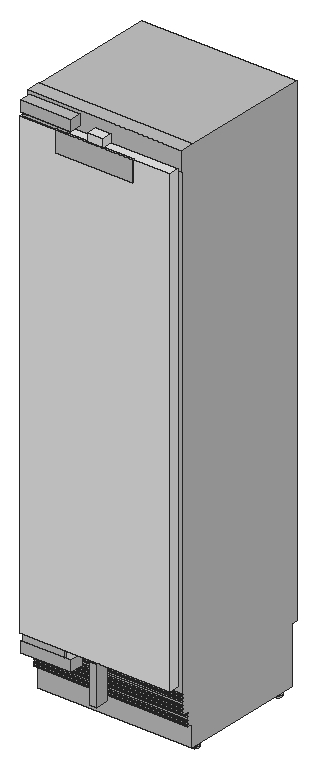
Revit family "FP_Revit_18_RS2484FLJ1_Freezer_90001055A", category Specialty Equipment, Revit 2018
Family settings
  Round Connector Dimension = Use Diameter
  Part Type = Normal
  OmniClass Number = 23.40.40.11.11
  OmniClass Title = Refrigerators and Freezers
  Work Plane-Based = No
  Always vertical = Yes
  Cut with Voids When Loaded = Yes
  Shared = No
  Room Calculation Point = No
Parameters (values of type "RS2484FLJK1")
  Visibility - Water Connection = yes
  Visibility - Visibility Control Note = yes
  Visibility - Clearance Required = yes
  URL = "www.fisherpaykel.com"
  Stainless Steel Door Panels (RD2484L4D) = no
  Product - Width = 603 mm  # constant formula
  Product - Height = 2134 mm  # constant formula
  Product - Depth (exl front panel) = 610 mm  # constant formula
  Model = "RS2484FLJK1"
  Material - Handle = Fisher & Paykel - Aluminium
  Material - Door Structure = Fisher & Paykel - White
  Material - Door Front = Fisher & Paykel - Stainless Steel
  Material - Body = Fisher & Paykel - Grey
  Manufacturer = "Fisher & Paykel Appliances"
  Handle Style - Professional Square (AHV2-RD84) = no
  Handle Style - Professional Round (AHC-RD84) = no
  Handle Style - Contemporary Square (AHD3-RD84) = no
  Handle Style - Contemporary Round (AHS-RD84) = no
  Description = "24\" Integrated Column Freezer with internal ice maker, stainless steel interior"
  Connector Description - Water = "1/4\" (6mm) comp. stainless steel braided hose"
  Connector Description - Electrical = "120 V, 10 amp fused electrical supply"
  Cavity - Width = 610 mm  # constant formula
  Cavity - Height = 2134 mm  # constant formula
  Cavity - Depth = 635 mm  # constant formula
Types (3, lengths in mm): name | Model | Description
  (no name) | "RS2484FLJK1" | "24\" Integrated Column Freezer with internal ice maker, stainless steel interior"
  RS2484FLJK1 | "RS2484FLJK1" | "24\" Integrated Column Freezer with internal ice maker, stainless steel interior"
  RS2484FLJ1 | "RS2484FLJ1" | "24\" Integrated Column Freezer with internal ice maker, white interior"
Reference planes
  plane 1 "Datum": y = 0
  plane 2: z = 0
  plane 3 "Center (Left/Right)": x = 0
  plane 4 "Product LHS": x = -301.5
  plane 5 "Product RHS": x = 301.5
  plane 6 "Product - Depth": y = 610
  plane 7 "Cavity LHS": x = -305
  plane 8 "Cavity RHS": x = 305
  plane 9 "Cavity - Depth": y = 612.9
  plane 10 "Handle Offset": x = 238.5
  plane 11 "Product Height": z = 2134
  plane 12 "Cavity Height": z = 2134
  plane 13 "Door Panel Datum": y = -4.1
Forms (mm)
  Extrusion 1, solid, material "Fisher & Paykel - Grey" <- "Material - Body", detail levels fine
    sketch origin (0, 0, 0) x (0, 1, 0) y (0, 0, 1)
      loop
        line (100.1, 19.1) -> (587.9, 19.1) -> (587.9, 239.7) -> (610, 239.7) -> (610, 2131.9) -> (105.1, 2131.9) -> (105.1, 2134) -> (49.9, 2134) -> (49.9, 2059) -> (56, 2059) -> (56, 228.6) -> (59.5, 228.6) -> (59.5, 219.7) -> (56.5, 219.7) -> (56.5, 215.9) -> (59.5, 215.9) -> (59.5, 207) -> (56.5, 207) -> (56.5, 203.2) -> (59.5, 203.2) -> (59.5, 194.3) -> (56.5, 194.3) -> (56.5, 190.5) -> (59.5, 190.5) -> (59.5, 181.6) -> (56.5, 181.6) -> (56.5, 177.8) -> (59.5, 177.8) -> (59.5, 168.9) -> (56.5, 168.9) -> (56.5, 165.1) -> (59.5, 165.1) -> (59.5, 156.2) -> (56.5, 156.2) -> (56.5, 152.4) -> (84.1, 152.4) -> (84.1, 143.5) -> (81.1, 143.5) -> (81.1, 139.7) -> (84.1, 139.7) -> (84.1, 130.8) -> (81.1, 130.8) -> (81.1, 127) -> (84.1, 127) -> (84.1, 118.1) -> (81.1, 118.1) -> (81.1, 114.3) -> (84.1, 114.3) -> (84.1, 105.4) -> (81.1, 105.4) -> (81.1, 101.6) -> (100.1, 101.6) -> (100.1, 19.1)
    from -301.5 to 301.5
  Extrusion 2, solid, material "Fisher & Paykel - Grey" <- "Material - Body"
    sketch origin (0, 0, 0) x (1, 0, 0) y (0, 1, 0)
      loop
        circle (-281, 547.8) r 4.1
      loop
        circle (-281, 141.8) r 4.1
      loop
        circle (281, 547.8) r 4.1
      loop
        circle (281, 141.8) r 4.1
    from 3 to 19.1
  Extrusion 3, solid, material "Fisher & Paykel - Grey" <- "Material - Body"
    sketch origin (0, 0, 0) x (1, 0, 0) y (0, 1, 0)
      loop
        circle (-281, 547.8) r 14.5
      loop
        circle (-281, 141.8) r 14.555
      loop
        circle (281, 547.8) r 14.5
      loop
        circle (281, 141.8) r 14.555
    from 0 to 3
  Extrusion 4, solid, material "Fisher & Paykel - Grey" <- "Material - Body", detail levels fine
    sketch origin (0, 0, 0) x (1, 0, 0) y (0, 1, 0)
      loop
        line (-7.5, 49) -> (-13.797, -4.1) -> (13.797, -4.1) -> (7.5, 49) -> (-7.5, 49)
    from 104.2 to 254.2
  Extrusion 5, solid, material "Fisher & Paykel - Grey" <- "Material - Body", detail levels fine
    sketch origin (0, 0, 0) x (0, 1, 0) y (0, 0, 1)
      loop
        line (0, 2070.6) -> (0, 1988.6) -> (2, 1988.6) -> (2, 2068.6) -> (4, 2068.6) -> (4, 2070.6) -> (0, 2070.6)
    from -150 to 150
  Extrusion 6, solid, material "Fisher & Paykel - Grey" <- "Material - Body"
    sketch origin (0, 0, 0) x (1, 0, 0) y (0, 0, 1)
      loop
        circle (226.5, 119.813) r 5
      loop
        circle (-226.5, 119.813) r 5
    from -590 to -587.9
  Extrusion 7, solid, material "Fisher & Paykel - White" <- "Material - Door Structure"
    sketch origin (0, 0, 0) x (1, 0, 0) y (0, 1, 0)
      loop
        line (-276.5, 56) -> (-276.5, 42) -> (276.5, 42) -> (276.5, 56) -> (-276.5, 56)
    from 269.6 to 2030.7
  Extrusion 8, solid, material "Fisher & Paykel - White" <- "Material - Door Structure"
    sketch origin (0, 0, 0) x (1, 0, 0) y (0, 1, 0)
      loop
        line (-292.9, 42) -> (-292.9, 3) -> (292.9, 3) -> (292.9, 42) -> (-292.9, 42)
    from 254.2 to 2068.6
  Extrusion 9, solid, material "Fisher & Paykel - White" <- "Material - Door Structure", detail levels fine
    sketch origin (0, 0, 0) x (1, 0, 0) y (0, 0, 1)
      loop
        line (-29.5, 2100.1) -> (-29.5, 2068.6) -> (29.5, 2068.6) -> (29.5, 2100.1) -> (-29.5, 2100.1)
    from -42 to -3
  Extrusion 10, solid, material "Fisher & Paykel - Stainless Steel" <- "Material - Door Front", visible <- "Stainless Steel Door Panels (RD2484L4D)"
    sketch origin (0, 0, 0) x (0, 1, 0) y (0, 0, 1)
      loop
        line (-22.1, 2130.8) -> (-22.1, 102) -> (-4.1, 102) -> (-4.1, 2130.8) -> (-22.1, 2130.8)
    from -301.5 to 301.5
  Extrusion 11, solid, material "Fisher & Paykel - Grey" <- "Material - Body", detail levels coarse+medium
    sketch origin (0, 0, 0) x (0, 1, 0) y (0, 0, 1)
      loop
        line (49.9, 2134) -> (49.9, 2059) -> (56, 2059) -> (56, 152.4) -> (81.1, 152.4) -> (81.1, 101.6) -> (100.1, 101.6) -> (100.1, 19.1) -> (587.9, 19.1) -> (587.9, 239.7) -> (610, 239.7) -> (610, 2134) -> (49.9, 2134)
    from -301.5 to 301.5
  Extrusion 12, solid, material "Fisher & Paykel - Grey" <- "Material - Body", detail levels fine
    sketch origin (0, 0, 0) x (-1, 0, 0) y (0, 0, -1)
      loop
        line (289.9, -187.65) -> (95.42, -187.65) -> (95.42, -229.75) -> (289.9, -229.75) -> (289.9, -187.65)
    from -56 to -2.5
  Extrusion 13, solid, material "Fisher & Paykel - Grey" <- "Material - Body", detail levels fine
    sketch origin (0, 0, 0) x (-1, 0, 0) y (0, 0, -1)
      loop
        line (289.9, -2123.15) -> (289.9, -2081.05) -> (95.42, -2081.05) -> (95.42, -2123.15) -> (289.9, -2123.15)
    from -49 to -2.5
  Extrusion 14, solid, material "Fisher & Paykel - Grey" <- "Material - Body", detail levels fine
    sketch origin (0, 0, -4) x (0, 1, 0) y (0, 0, 1)
      loop
        arc (163.888, 23.1) -> (180.4, 13.63) -> (196.912, 23.1) r 19.13
        line (196.912, 23.1) -> (163.888, 23.1)
      loop
        arc (493.888, 23.1) -> (510.4, 13.63) -> (526.912, 23.1) r 19.13
        line (526.912, 23.1) -> (493.888, 23.1)
    from 191 to 219
  Extrusion 15, solid, material "Fisher & Paykel - Grey" <- "Material - Body", detail levels fine
    sketch origin (0, 0, -4) x (0, 1, 0) y (0, 0, -1)
      loop
        line (163.888, -23.1) -> (196.912, -23.1)
        arc (196.912, -23.1) -> (180.4, -13.63) -> (163.888, -23.1) r 19.13
      loop
        line (493.888, -23.1) -> (526.912, -23.1)
        arc (526.912, -23.1) -> (510.4, -13.63) -> (493.888, -23.1) r 19.13
    from 191 to 219
  Extrusion 16, solid, material "Fisher & Paykel - Clearance Required", visible <- "Visibility - Clearance Required", detail levels coarse
    sketch origin (0, 0, 0) x (1, 0, 0) y (0, 1, 0)
      loop
        line (-305, 612.9) -> (-305, -4.1) -> (305, -4.1) -> (305, 612.9) -> (-305, 612.9)
    from 0 to 2134
  Extrusion 17, void
    sketch origin (0, 0, 0) x (1, 0, 0) y (0, 1, 0)
      loop
        line (-305, 612.9) -> (-305, -22.1) -> (305, -22.1) -> (305, 612.9) -> (-305, 612.9)
    from 0 to 2134
  Extrusion 18, solid, material "Fisher & Paykel - Clearance Required", visible <- "Visibility - Clearance Required", detail levels coarse
    sketch origin (0, 0, 0) x (-1, 0, 0) y (0, -1, 0)
      loop
        line (-301.5, 22.1) -> (301.5, 22.1)
        arc (301.5, 22.1) -> (310.616, 38.605) -> (329.441, 39.678) r 19.5
        line (329.441, 39.678) -> (550.259, 513.225) -> (574.757, 501.802)
        arc (574.757, 501.802) -> (598.013, 510.267) -> (589.549, 533.523) r 17.5
        line (589.549, 533.523) -> (565.051, 544.946) -> (584.28, 586.183)
        arc (584.28, 586.183) -> (-13.376, 547.171) -> (-301.5, 22.1) r 622.5
    from 0 to 2134
  Extrusion 19, solid, material "Fisher & Paykel - Grey" <- "Material - Body", detail levels fine
    sketch origin (0, 0, 0) x (-1, 0, 0) y (0, 0, -1)
      loop
        line (118.4, -254.2) -> (282.9, -254.2) -> (282.9, -229.75) -> (118.4, -229.75) -> (118.4, -254.2)
      loop
        line (106, -2081.05) -> (242.9, -2081.05) -> (282.9, -2076.05) -> (282.9, -2068.6) -> (106, -2068.6) -> (106, -2081.05)
    from -7 to -4
Lines and regions (mm)
  model lines, style "Fisher & Paykel"
    curve 1: line (-301.5, -4.1, 2130.8) -> (301.5, -4.1, 2130.8)
    curve 2: line (-301.5, -4.1, 102) -> (-301.5, -4.1, 2130.8)
    curve 3: line (301.5, -4.1, 102) -> (-301.5, -4.1, 102)
    curve 4: line (301.5, -4.1, 2130.8) -> (301.5, -4.1, 102)
Text (mm)
  text "Due to ongoing product development, product details are subject to change without notice. \nPlease always refer to www.fisherpaykel.com for the most current product information. \n© Fisher & Paykel 2020" at (41.04, -678.295, 0), in view "Ref. Level (Plan)"
Dimensions and locks
  equal spacing: plane 4 "Product LHS", plane 3 "Center (Left/Right)", plane 5 "Product RHS"
  "Product - Width": plane 4 "Product LHS" to plane 5 "Product RHS"
  "Product - Depth (exl front panel)": plane 1 "Datum" to plane 6 "Product - Depth"
  equal spacing: plane 7 "Cavity LHS", plane 3 "Center (Left/Right)", plane 8 "Cavity RHS"
  "Cavity - Width": plane 7 "Cavity LHS" to plane 8 "Cavity RHS"
  plane 4 "Product LHS" to Extrusion 2 sketch curve = 24.6 mm
  plane 4 "Product LHS" to plane 10 "Handle Offset" = 540 mm
  Extrusion 6 sketch curve to Extrusion 1 = 119.887 mm  (x2)
  Extrusion 6 sketch curve to plane 5 "Product RHS" = 75 mm
  plane 4 "Product LHS" to Extrusion 6 sketch curve = 75 mm
  Extrusion 1 sketch curve to Extrusion 1 sketch curve = 82.5 mm
  Extrusion 1 sketch curve to Extrusion 1 sketch curve = 209.5 mm
  Extrusion 3 to level = 3 mm
  Extrusion 11 to Extrusion 8 = 235.1 mm
  Extrusion 11 to Extrusion 7 = 250.5 mm
  Extrusion 11 to Extrusion 11 = 2114.9 mm
  Extrusion 11 to Extrusion 10 = 82.9 mm
  "Product - Height": level to plane 11 "Product Height"
  plane 11 "Product Height" to Extrusion 10 = 3.2 mm
  Extrusion 8 to plane 11 "Product Height" = 65.4 mm
  Extrusion 7 to plane 11 "Product Height" = 103.3 mm
  Extrusion 11 sketch curve to plane 11 "Product Height" = 75 mm
  Extrusion 1 sketch curve to plane 11 "Product Height" = 2.1 mm
  Extrusion 1 sketch curve to plane 11 "Product Height" = 75 mm
  "Cavity - Height": plane 12 "Cavity Height" to level
  plane 1 "Datum" to Extrusion 16 = 612.9 mm
  plane 1 "Datum" to Extrusion 17 = 612.9 mm
  Extrusion 19 sketch curve to Extrusion 19 sketch curve = 40 mm
  Extrusion 19 sketch curve to Extrusion 19 sketch curve = 176.9 mm
  plane 3 "Center (Left/Right)" to Extrusion 19 sketch curve = 106 mm
  plane 3 "Center (Left/Right)" to Extrusion 19 sketch curve = 118.4 mm
  plane 1 "Datum" to Extrusion 18 = 22.1 mm
  "Cavity - Depth": plane 9 "Cavity - Depth" to Extrusion 18
  plane 10 "Handle Offset" to plane 5 "Product RHS" = 63 mm
  radius of Extrusion 6 sketch curve = 5 mm
  aligned and locked: level to plane 2
  aligned and locked: Extrusion 10 to plane 5 "Product RHS"
  aligned and locked: plane 4 "Product LHS" to Extrusion 10
  aligned and locked: Extrusion 11 to plane 5 "Product RHS"
  aligned and locked: Extrusion 11 to plane 4 "Product LHS"
  aligned and locked: Extrusion 11 sketch curve to plane 11 "Product Height"
  aligned and locked: plane 11 "Product Height" to Extrusion 1 sketch curve
  aligned and locked: Extrusion 14 sketch curve to Extrusion 14 sketch curve
  aligned and locked: Extrusion 15 sketch curve to Extrusion 15 sketch curve
  aligned and locked: Extrusion 1 to plane 5 "Product RHS"
  aligned and locked: plane 4 "Product LHS" to Extrusion 1
  aligned and locked: Extrusion 2 to Extrusion 1
  aligned and locked: nested 5 to plane 10 "Handle Offset"
  aligned and locked: nested 4 to plane 10 "Handle Offset"
  aligned and locked: nested 3 to plane 10 "Handle Offset"
  aligned and locked: nested 2 to plane 10 "Handle Offset"
Automatic sketch dimensions
  Extrusion 2 sketch curve to plane 4 "Product LHS" = 20.5 mm  (x2)
  plane 5 "Product RHS" to Extrusion 2 sketch curve = 20.5 mm  (x2)
  Extrusion 2 sketch curve to plane 1 "Datum" = 141.8 mm  (x2)
  Extrusion 2 sketch curve to plane 6 "Product - Depth" = 62.2 mm  (x2)
  Extrusion 3 sketch curve to plane 4 "Product LHS" = 20.5 mm  (x2)
  plane 5 "Product RHS" to Extrusion 3 sketch curve = 20.5 mm  (x2)
  Extrusion 3 sketch curve to plane 1 "Datum" = 141.8 mm  (x2)
  Extrusion 3 sketch curve to plane 6 "Product - Depth" = 62.2 mm  (x2)
  plane 1 "Datum" to Extrusion 4 sketch curve = 4.1 mm
  Extrusion 4 sketch curve to plane 3 "Center (Left/Right)" = 13.797 mm
  Extrusion 4 sketch curve to plane 3 "Center (Left/Right)" = 7.5 mm
  plane 3 "Center (Left/Right)" to Extrusion 4 sketch curve = 7.5 mm
  plane 3 "Center (Left/Right)" to Extrusion 4 sketch curve = 13.797 mm
  Extrusion 4 sketch curve to plane 1 "Datum" = 49 mm
  Extrusion 5 sketch curve to plane 1 "Datum" = 0 mm
  Extrusion 5 sketch curve to plane 1 "Datum" = 2 mm
  Extrusion 5 sketch curve to Extrusion 5 sketch curve = 2 mm  (x2)
  plane 11 "Product Height" to Extrusion 5 sketch curve = 145.4 mm
  plane 11 "Product Height" to Extrusion 5 sketch curve = 65.4 mm
  Extrusion 7 sketch curve to plane 4 "Product LHS" = 25 mm
  plane 5 "Product RHS" to Extrusion 7 sketch curve = 25 mm
  Extrusion 7 sketch curve to plane 1 "Datum" = 42 mm
  Extrusion 7 sketch curve to Extrusion 7 sketch curve = 14 mm
  Extrusion 8 sketch curve to plane 1 "Datum" = 3 mm
  Extrusion 8 sketch curve to plane 4 "Product LHS" = 8.6 mm
  plane 5 "Product RHS" to Extrusion 8 sketch curve = 8.6 mm
  Extrusion 8 sketch curve to Extrusion 8 sketch curve = 39 mm
  Extrusion 9 sketch curve to plane 3 "Center (Left/Right)" = 29.5 mm
  plane 3 "Center (Left/Right)" to Extrusion 9 sketch curve = 29.5 mm
  plane 11 "Product Height" to Extrusion 9 sketch curve = 65.4 mm
  Extrusion 9 sketch curve to Extrusion 9 sketch curve = 31.5 mm
  plane 1 "Datum" to Extrusion 10 sketch curve = 22.1 mm
  plane 1 "Datum" to Extrusion 10 sketch curve = 4.1 mm
  level to Extrusion 10 sketch curve = 102 mm
  plane 11 "Product Height" to Extrusion 10 sketch curve = 3.2 mm
  plane 3 "Center (Left/Right)" to Extrusion 12 sketch curve = 95.42 mm
  plane 4 "Product LHS" to Extrusion 12 sketch curve = 11.6 mm
  Extrusion 12 sketch curve to level = 187.65 mm
  Extrusion 12 sketch curve to Extrusion 12 sketch curve = 42.1 mm
  Extrusion 13 sketch curve to plane 11 "Product Height" = 10.85 mm
  plane 3 "Center (Left/Right)" to Extrusion 13 sketch curve = 95.42 mm
  plane 4 "Product LHS" to Extrusion 13 sketch curve = 11.6 mm
  Extrusion 13 sketch curve to Extrusion 13 sketch curve = 42.1 mm
  Extrusion 14 sketch curve to plane 1 "Datum" = 163.888 mm
  Extrusion 14 sketch curve to Extrusion 14 sketch curve = 16.512 mm  (x2)
  Extrusion 14 sketch curve to plane 6 "Product - Depth" = 116.112 mm
  Extrusion 14 sketch curve to Extrusion 14 sketch curve = 9.66 mm  (x2)
  Extrusion 15 sketch curve to plane 1 "Datum" = 163.888 mm
  Extrusion 15 sketch curve to Extrusion 15 sketch curve = 16.512 mm  (x2)
  Extrusion 15 sketch curve to plane 6 "Product - Depth" = 116.112 mm
  Extrusion 15 sketch curve to Extrusion 15 sketch curve = 9.66 mm  (x2)
  Extrusion 16 sketch curve to plane 7 "Cavity LHS" = 0 mm
  Extrusion 16 sketch curve to plane 8 "Cavity RHS" = 0 mm
  Extrusion 16 sketch curve to plane 9 "Cavity - Depth" = 0 mm
  plane 1 "Datum" to Extrusion 16 sketch curve = 4.1 mm
  Extrusion 17 sketch curve to plane 7 "Cavity LHS" = 0 mm
  Extrusion 17 sketch curve to plane 8 "Cavity RHS" = 0 mm
  plane 9 "Cavity - Depth" to Extrusion 17 sketch curve = 0 mm
  plane 1 "Datum" to Extrusion 17 sketch curve = 22.1 mm
  Extrusion 18 sketch curve to Extrusion 18 sketch curve = 0 mm  (x2)
  Extrusion 18 sketch curve to plane 5 "Product RHS" = 0 mm
  Extrusion 18 sketch curve to plane 4 "Product LHS" = 0 mm
  Extrusion 18 sketch curve to plane 7 "Cavity LHS" = 16 mm
  Extrusion 18 sketch curve to Extrusion 18 sketch curve = 8.441 mm
  Extrusion 18 sketch curve to plane 7 "Cavity LHS" = 245.259 mm
  Extrusion 18 sketch curve to Extrusion 18 sketch curve = 14.792 mm
  Extrusion 18 sketch curve to Extrusion 18 sketch curve = 24.498 mm
  Extrusion 18 sketch curve to Extrusion 18 sketch curve = 7.396 mm  (x2)
  Extrusion 18 sketch curve to Extrusion 18 sketch curve = 19.229 mm
  Extrusion 18 sketch curve to plane 1 "Datum" = 586.183 mm
  Extrusion 18 sketch curve to Extrusion 18 sketch curve = 41.237 mm
  Extrusion 18 sketch curve to Extrusion 18 sketch curve = 15.86 mm
  Extrusion 19 sketch curve to plane 11 "Product Height" = 52.95 mm
  plane 4 "Product LHS" to Extrusion 19 sketch curve = 18.6 mm
  Extrusion 19 sketch curve to Extrusion 19 sketch curve = 5 mm
  Extrusion 19 sketch curve to Extrusion 19 sketch curve = 12.45 mm
  Extrusion 19 sketch curve to level = 254.2 mm
  Extrusion 19 sketch curve to Extrusion 19 sketch curve = 24.45 mm
  Extrusion 11 sketch curve to plane 6 "Product - Depth" = 0 mm
  Extrusion 11 sketch curve to plane 6 "Product - Depth" = 22.1 mm
  Extrusion 11 sketch curve to plane 1 "Datum" = 100.1 mm
  Extrusion 11 sketch curve to Extrusion 11 sketch curve = 19 mm
  Extrusion 11 sketch curve to plane 1 "Datum" = 56 mm
  Extrusion 11 sketch curve to plane 1 "Datum" = 49.9 mm
  level to Extrusion 11 sketch curve = 152.4 mm
  Extrusion 11 sketch curve to Extrusion 11 sketch curve = 50.8 mm
  level to Extrusion 11 sketch curve = 19.1 mm
  Extrusion 11 sketch curve to Extrusion 11 sketch curve = 220.6 mm
  level to Extrusion 14 sketch curve = 19.1 mm
  level to Extrusion 15 sketch curve = 28.76 mm
  Extrusion 1 sketch curve to plane 6 "Product - Depth" = 0 mm
  Extrusion 1 sketch curve to Extrusion 1 sketch curve = 22.1 mm
  Extrusion 1 sketch curve to plane 1 "Datum" = 105.1 mm
  level to Extrusion 1 sketch curve = 19.1 mm
  Extrusion 1 sketch curve to plane 1 "Datum" = 100.1 mm
  Extrusion 1 sketch curve to Extrusion 1 sketch curve = 16 mm
  Extrusion 1 sketch curve to Extrusion 1 sketch curve = 0 mm  (x8)
  Extrusion 1 sketch curve to Extrusion 1 sketch curve = 3 mm  (x10)
  Extrusion 1 sketch curve to plane 1 "Datum" = 59.5 mm
  Extrusion 1 sketch curve to plane 1 "Datum" = 56 mm
  Extrusion 1 sketch curve to plane 1 "Datum" = 49.9 mm
  Extrusion 1 sketch curve to Extrusion 1 sketch curve = 3.8 mm  (x10)
  Extrusion 1 sketch curve to Extrusion 1 sketch curve = 8.9 mm  (x9)
  Extrusion 1 sketch curve to Extrusion 1 sketch curve = 220.6 mm
  plane 5 "Product RHS" to curve 1 = 0 mm
  plane 4 "Product LHS" to curve 3 = 0 mm
  level to curve 3 = 102 mm
  plane 11 "Product Height" to curve 2 = 3.2 mm
  radius of Extrusion 2 sketch curve = 4.1 mm  (x3)
  radius of Extrusion 3 sketch curve = 14.5 mm  (x2)
  radius of Extrusion 3 sketch curve = 14.555 mm  (x2)
  radius of Extrusion 6 sketch curve = 5 mm
Nested families
  nested 1: "Visibility Control Note 18" at (0, 0, 0), visible <- "Visibility - Visibility Control Note", type "Visibility Control Note 18"
  nested 2: "Handle Contemporary Round - Vertical" at (238.5, -22.1, 1242.58), visible <- "Handle Style - Contemporary Round (AHS-RD84)", type "AHS-RD84 - Contemporary round handle (Vertical) 852mm"
  nested 3: "Handle Contemporary Square - Vertical" at (238.5, -22.1, 1242.58), visible <- "Handle Style - Contemporary Square (AHD3-RD84)", type "AHD3-RD84 - Contemporary square handle (Vertical) 852mm"
  nested 4: "Handle Professional Round - Vertical" at (238.5, -22.1, 1242.58), visible <- "Handle Style - Professional Round (AHC-RD84)", type "AHC-RD84 - Professional round handle (Vertical) 786mm"
  nested 5: "Handle Professional Square - Vertical" at (238.5, -22.1, 1242.58), visible <- "Handle Style - Professional Square (AHV2-RD84)", type "AHV2-RD84 - Professional square handle (Vertical) 792mm"
Connectors
  electrical at (-226.5, 590, 119.813), driven by "Connector Description - Electrical"
    settings: on Extrusion 6, index 1, voltage 120 V, apparent load 0 VA, apparent load phase1 0 VA, apparent load phase2 0 VA, apparent load phase3 0 VA, power factor 1, load classification "Other", number of poles 1, system type 30, power factor state 1, is connector primary yes, connector utility no, sub classification motor no, connector description "120 V, 10 amp fused electrical supply"
  piping at (226.5, 590, 119.813), diameter 12.7, driven by "Visibility - Water Connection", driven by "Connector Description - Water"
    settings: on Extrusion 6, index 2, connector inside diameter 609.6 mm, connector length 0 mm, flow factor 0, pipe flow 0.0 L/s, pressure drop 0.0 Pa, fitting loss kfactor 0, connector angle 0.00°, fixture units 0, engagement length 0 mm, angle of deflection 0.00°, flow configuration 0, flow direction 1, fitting loss method 0, system type 20, joint type 0, gender type 0, connector reference index -1, connector utility 1, adjustable connector no, is connector primary yes, connector description "1/4\" (6mm) comp. stainless steel braided hose"
Definition of nested family "Handle Contemporary Round - Vertical"
  Parameters (values of type "AHSRS80A - Contemporary round handle (1 of 2) (Vertical) 727mm")
    URL = "www.fisherpaykel.com"
    Material - Handle = none
    Manufacturer = "Fisher & Paykel Appliances"
    Handle - Length = 727 mm
  Types (6, lengths in mm): name | Handle - Length
    AHS-RD21 - Contemporary round handle (Vertical) 852mm | 852
    AHSRD2484W - Contemporary round handle (1 of 2) (Vertical) 727mm | 727
    AHSRD3084W - Contemporary round handle (1 of 2) (Vertical) 727mm | 727
    AHS-RD84 - Contemporary round handle (Vertical) 852mm | 852
    AHSRS3272A - Contemporary round handle (1 of 2) (Vertical) 727mm | 727
    AHSRS80A - Contemporary round handle (1 of 2) (Vertical) 727mm | 727
  Reference planes
    plane 1 "Center (Front/Back)": y = 0
    plane 2: z = 0
    plane 3 "Center (Left/Right)": x = 0
    plane 4 "Top": z = 363.5
    plane 5 "Bottom": z = -363.5
    plane 6 "Top Standoff": z = 243.5
    plane 7 "Bottom Standoff": z = -243.5
  Forms (mm)
    Extrusion 1, solid, material <- "Material - Handle"
      sketch origin (0, 0, 0) x (1, 0, 0) y (0, 1, 0)
        loop
          circle (0, -32.3) r 8.7
      from -243.5 to 243.5
    Extrusion 2, solid, material <- "Material - Handle", detail levels fine
      sketch origin (0, 0, 0) x (1, 0, 0) y (0, 1, 0)
        loop
          line (-8.7, 0) -> (-8.7, -32.3)
          arc (-8.7, -32.3) -> (0, -41) -> (8.7, -32.3) r 8.7
          line (8.7, -32.3) -> (8.7, 0) -> (-8.7, 0)
      from 243.5 to 363.5
    Extrusion 3, solid, material <- "Material - Handle", detail levels fine
      sketch origin (0, 0, 0) x (1, 0, 0) y (0, 1, 0)
        loop
          line (-8.7, 0) -> (-8.7, -32.3)
          arc (-8.7, -32.3) -> (0, -41) -> (8.7, -32.3) r 8.7
          line (8.7, -32.3) -> (8.7, 0) -> (-8.7, 0)
      from -363.5 to -243.5
    Sweep 4, void
      path in 3D
        loop
          line (8.7, 0, -363.5) -> (8.7, -32.3, -363.5)
          arc (8.7, -32.3, -363.5) -> (0, -41, -363.5) -> (-8.7, -32.3, -363.5) r 8.7
          line (-8.7, -32.3, -363.5) -> (-8.7, 0, -363.5)
      profile origin (8.7, -16.15, -363.5) x (-1, 0, 0) y (0, 0, -1)
        loop
          line (0, 0) -> (0, -1) -> (1, 0) -> (0, 0)
    Sweep 5, void
      path in 3D
        loop
          line (-8.7, 0, 363.5) -> (-8.7, -32.3, 363.5)
          arc (-8.7, -32.3, 363.5) -> (0, -41, 363.5) -> (8.7, -32.3, 363.5) r 8.7
          line (8.7, -32.3, 363.5) -> (8.7, 0, 363.5)
      profile origin (8.7, -16.15, 363.5) x (-1, 0, 0) y (0, 0, 1)
        loop
          line (0, 0) -> (0, -1) -> (1, 0) -> (0, 0)
    Extrusion 6, solid, material <- "Material - Handle", detail levels coarse+medium
      sketch origin (0, 0, 0) x (1, 0, 0) y (0, 1, 0)
        loop
          line (-8.7, 0) -> (-8.7, -32.3)
          arc (-8.7, -32.3) -> (0, -41) -> (8.7, -32.3) r 8.7
          line (8.7, -32.3) -> (8.7, 0) -> (-8.7, 0)
      from 243.5 to 363.5
    Extrusion 7, solid, material <- "Material - Handle", detail levels coarse+medium
      sketch origin (0, 0, 0) x (1, 0, 0) y (0, 1, 0)
        loop
          line (-8.7, 0) -> (-8.7, -32.3)
          arc (-8.7, -32.3) -> (0, -41) -> (8.7, -32.3) r 8.7
          line (8.7, -32.3) -> (8.7, 0) -> (-8.7, 0)
      from -363.5 to -243.5
  Cuts and joins
    Sweep 4 cuts Extrusion 3
    Sweep 5 cuts Extrusion 2
  Lines and regions (mm)
    sketch lines
      curve 1: line (8.7, 0, -363.5) -> (8.7, -32.3, -363.5)
      curve 2: arc (-8.7, -32.3, -363.5) -> (0, -41, -363.5) -> (8.7, -32.3, -363.5) r 8.7
      curve 3: line (-8.7, -32.3, -363.5) -> (-8.7, 0, -363.5)
      curve 4: line (8.7, -32.3, 363.5) -> (8.7, 0, 363.5)
      curve 5: arc (8.7, -32.3, 363.5) -> (0, -41, 363.5) -> (-8.7, -32.3, 363.5) r 8.7
      curve 6: line (-8.7, 0, 363.5) -> (-8.7, -32.3, 363.5)
  Dimensions and locks
    equal spacing: plane 4 "Top", level, plane 5 "Bottom"
    "Handle - Length": plane 4 "Top" to plane 5 "Bottom"
    locked: plane 4 "Top" to plane 6 "Top Standoff" at 120
    locked: plane 7 "Bottom Standoff" to plane 5 "Bottom" at 120
    Extrusion 2 sketch curve to Extrusion 2 sketch curve = 17.4 mm
    Extrusion 3 sketch curve to Extrusion 3 sketch curve = 17.4 mm
    Extrusion 6 sketch curve to Extrusion 6 sketch curve = 17.4 mm
    Extrusion 7 sketch curve to Extrusion 7 sketch curve = 17.4 mm
    aligned and locked: level to plane 2
    aligned and locked: plane 4 "Top" to Extrusion 2
    aligned and locked: Extrusion 3 to plane 5 "Bottom"
    aligned and locked: plane 7 "Bottom Standoff" to Extrusion 3
    aligned and locked: Extrusion 1 to plane 7 "Bottom Standoff"
    aligned and locked: plane 6 "Top Standoff" to Extrusion 1
    aligned and locked: Extrusion 2 to Extrusion 1
    aligned and locked: Extrusion 6 to Extrusion 1
    aligned and locked: plane 4 "Top" to Extrusion 6
    aligned and locked: Extrusion 7 to Extrusion 1
    aligned and locked: Extrusion 7 to plane 5 "Bottom"
  Automatic sketch dimensions
    Extrusion 1 sketch curve to plane 3 "Center (Left/Right)" = 0 mm
    plane 1 "Center (Front/Back)" to Extrusion 1 sketch curve = 32.3 mm
    plane 1 "Center (Front/Back)" to Extrusion 2 sketch curve = 0 mm
    Extrusion 2 sketch curve to plane 3 "Center (Left/Right)" = 0 mm
    Extrusion 2 sketch curve to plane 3 "Center (Left/Right)" = 8.7 mm
    plane 1 "Center (Front/Back)" to Extrusion 2 sketch curve = 32.3 mm
    plane 1 "Center (Front/Back)" to Extrusion 3 sketch curve = 0 mm
    Extrusion 3 sketch curve to plane 3 "Center (Left/Right)" = 0 mm
    Extrusion 3 sketch curve to plane 3 "Center (Left/Right)" = 8.7 mm
    plane 1 "Center (Front/Back)" to Extrusion 3 sketch curve = 32.3 mm
    Sweep 4 sketch curve to profile plane = 0 mm  (x2)
    Sweep 4 sketch curve to profile plane = 1 mm  (x2)
    Sweep 5 sketch curve to profile plane = 0 mm  (x2)
    Sweep 5 sketch curve to profile plane = 1 mm  (x2)
    Extrusion 6 sketch curve to plane 3 "Center (Left/Right)" = 0 mm
    Extrusion 6 sketch curve to plane 3 "Center (Left/Right)" = 8.7 mm
    plane 1 "Center (Front/Back)" to Extrusion 6 sketch curve = 32.3 mm
    Extrusion 6 sketch curve to Extrusion 6 sketch curve = 32.3 mm
    Extrusion 7 sketch curve to plane 3 "Center (Left/Right)" = 0 mm
    Extrusion 7 sketch curve to plane 3 "Center (Left/Right)" = 8.7 mm
    plane 1 "Center (Front/Back)" to Extrusion 7 sketch curve = 32.3 mm
    Extrusion 7 sketch curve to Extrusion 7 sketch curve = 32.3 mm
    radius of Extrusion 1 sketch curve = 8.7 mm
Definition of nested family "Handle Contemporary Square - Vertical"
  Parameters (values of type "AHD3RS80A - Contemporary square handle (1 of 2) (Vertical) 727mm")
    URL = "www.fisherpaykel.com"
    Material - Handle = none
    Manufacturer = "Fisher & Paykel Appliances"
    Handle - Length = 727 mm
  Types (7, lengths in mm): name | Handle - Length
    (no name) | 727
    AHD3-RD21 - Contemporary square handle (Vertical) 852mm | 852
    AHD3RD2484W - Contemporary square handle (1 of 2) (Vertical) 727mm | 727
    AHD3RD3084W - Contemporary square handle (1 of 2) (Vertical) 727mm | 727
    AHD3-RD84 - Contemporary square handle (Vertical) 852mm | 852
    AHD3RS3272A - Contemporary square handle (1 of 2) (Vertical) 727mm | 727
    AHD3RS80A - Contemporary square handle (1 of 2) (Vertical) 727mm | 727
  Reference planes
    plane 1 "Center (Front/Back)": y = 0
    plane 2: z = 0
    plane 3 "Center (Left/Right)": x = 0
    plane 4 "Top": z = 363.5
    plane 5 "Bottom": z = -363.5
    plane 6 "Top Standoff": z = 243.5
    plane 7 "Bottom Standoff": z = -243.5
  Forms (mm)
    Extrusion 1, solid, material <- "Material - Handle", detail levels fine
      sketch origin (0, 0, 0) x (1, 0, 0) y (0, 1, 0)
        loop
          arc (-7.583, -28.701) -> (-7.89, -29.057) -> (-8, -29.514) r 1
          line (-8, -29.514) -> (-8, -40.5)
          arc (-8, -40.5) -> (-7.561, -41.561) -> (-6.5, -42) r 1.5
          line (-6.5, -42) -> (6.5, -42)
          arc (6.5, -42) -> (7.561, -41.561) -> (8, -40.5) r 1.5
          line (8, -40.5) -> (8, -29.487)
          arc (8, -29.487) -> (7.889, -29.029) -> (7.58, -28.673) r 1
          arc (7.58, -28.673) -> (-0.006, -26.256) -> (-7.583, -28.701) r 13.038
      from -363.5 to 363.5
    Extrusion 2, solid, material <- "Material - Handle", detail levels fine
      sketch origin (0, 0, 0) x (1, 0, 0) y (0, 1, 0)
        loop
          arc (7.058, -28.23) -> (7.466, -28.244) -> (7.674, -27.893) r 0.4
          line (7.674, -27.893) -> (7.674, 0) -> (-7.674, 0) -> (-7.674, -27.86)
          arc (-7.674, -27.86) -> (-7.467, -28.21) -> (-7.06, -28.198) r 0.4
          arc (-7.06, -28.198) -> (0.004, -26.156) -> (7.058, -28.23) r 13.136
      from 243.5 to 363.5
    Extrusion 3, solid, material <- "Material - Handle", detail levels fine
      sketch origin (0, 0, 0) x (1, 0, 0) y (0, 1, 0)
        loop
          arc (7.058, -28.23) -> (7.466, -28.244) -> (7.674, -27.893) r 0.4
          line (7.674, -27.893) -> (7.674, 0) -> (-7.674, 0) -> (-7.674, -27.86)
          arc (-7.674, -27.86) -> (-7.467, -28.21) -> (-7.06, -28.198) r 0.4
          arc (-7.06, -28.198) -> (0.004, -26.156) -> (7.058, -28.23) r 13.136
      from -363.5 to -243.5
    Sweep 4, void
      path in 3D
        loop
          line (-8, -29.514, 363.5) -> (-8, -40.5, 363.5)
          arc (-8, -40.5, 363.5) -> (-7.561, -41.561, 363.5) -> (-6.5, -42, 363.5) r 1.5
          line (-6.5, -42, 363.5) -> (6.5, -42, 363.5)
          arc (6.5, -42, 363.5) -> (7.561, -41.561, 363.5) -> (8, -40.5, 363.5) r 1.5
          line (8, -40.5, 363.5) -> (8, -29.487, 363.5)
      profile origin (8, -34.994, 363.5) x (-1, 0, 0) y (0, 0, 1)
        loop
          line (0, 0) -> (0, -1.3) -> (1.3, 0) -> (0, 0)
    Sweep 5, void
      path in 3D
        loop
          line (8, -29.487, -363.5) -> (8, -40.5, -363.5)
          arc (8, -40.5, -363.5) -> (7.561, -41.561, -363.5) -> (6.5, -42, -363.5) r 1.5
          line (6.5, -42, -363.5) -> (-6.5, -42, -363.5)
          arc (-6.5, -42, -363.5) -> (-7.561, -41.561, -363.5) -> (-8, -40.5, -363.5) r 1.5
          line (-8, -40.5, -363.5) -> (-8, -29.514, -363.5)
      profile origin (8, -34.994, -363.5) x (-1, 0, 0) y (0, 0, -1)
        loop
          line (0, 0) -> (0, -1.3) -> (1.3, 0) -> (0, 0)
    Extrusion 6, void
      sketch origin (0, 0, 0) x (1, 0, 0) y (0, 0, 1)
        loop
          line (-8, -362.2) -> (-8, -363.5) -> (-6.7, -363.5) -> (-8, -362.2)
        loop
          line (8, -362.2) -> (6.7, -363.5) -> (8, -363.5) -> (8, -362.2)
      from 0 to 40
    Extrusion 7, void
      sketch origin (0, 0, 0) x (1, 0, 0) y (0, 0, 1)
        loop
          line (-8, 363.5) -> (-8, 362.2) -> (-6.7, 363.5) -> (-8, 363.5)
        loop
          line (8, 363.5) -> (6.7, 363.5) -> (8, 362.2) -> (8, 363.5)
      from 0 to 40
    Extrusion 8, solid, material <- "Material - Handle", detail levels coarse+medium
      sketch origin (0, 0, 0) x (0, 1, 0) y (0, 0, 1)
        loop
          line (0, 363.5) -> (-42, 363.5) -> (-42, -363.5) -> (0, -363.5) -> (0, -243.5) -> (-26.245, -243.5) -> (-26.245, 243.5) -> (0, 243.5) -> (0, 363.5)
      from -8 to 8
  Cuts and joins
    Sweep 4, Sweep 5, Extrusion 6, Extrusion 7 cuts Extrusion 1
    Extrusion 6 cuts Extrusion 3
    Extrusion 7 cuts Extrusion 2
  Lines and regions (mm)
    sketch lines
      curve 1: line (8, -40.5, 363.5) -> (8, -29.487, 363.5)
      curve 2: arc (8, -40.5, 363.5) -> (7.561, -41.561, 363.5) -> (6.5, -42, 363.5) r 1.5
      curve 3: line (-6.5, -42, 363.5) -> (6.5, -42, 363.5)
      curve 4: arc (-6.5, -42, 363.5) -> (-7.561, -41.561, 363.5) -> (-8, -40.5, 363.5) r 1.5
      curve 5: line (-8, -29.514, 363.5) -> (-8, -40.5, 363.5)
      curve 6: line (8, -29.487, -363.5) -> (8, -40.5, -363.5)
      curve 7: arc (6.5, -42, -363.5) -> (7.561, -41.561, -363.5) -> (8, -40.5, -363.5) r 1.5
      curve 8: line (6.5, -42, -363.5) -> (-6.5, -42, -363.5)
      curve 9: arc (-8, -40.5, -363.5) -> (-7.561, -41.561, -363.5) -> (-6.5, -42, -363.5) r 1.5
      curve 10: line (-8, -40.5, -363.5) -> (-8, -29.514, -363.5)
  Dimensions and locks
    equal spacing: plane 4 "Top", level, plane 5 "Bottom"
    "Handle - Length": plane 4 "Top" to plane 5 "Bottom"
    locked: plane 4 "Top" to plane 6 "Top Standoff" at 120
    locked: plane 7 "Bottom Standoff" to plane 5 "Bottom" at 120
    aligned and locked: level to plane 2
    aligned and locked: plane 4 "Top" to Extrusion 2
    aligned and locked: Extrusion 2 to plane 6 "Top Standoff"
    aligned and locked: plane 4 "Top" to Extrusion 1
    aligned and locked: Extrusion 1 to plane 5 "Bottom"
    aligned and locked: Extrusion 3 to plane 5 "Bottom"
    aligned and locked: plane 7 "Bottom Standoff" to Extrusion 3
    aligned and locked: plane 4 "Top" to Extrusion 8 sketch curve
    aligned and locked: plane 6 "Top Standoff" to Extrusion 8 sketch curve
    aligned and locked: plane 7 "Bottom Standoff" to Extrusion 8 sketch curve
    aligned and locked: plane 5 "Bottom" to Extrusion 8 sketch curve
    aligned and locked: plane 1 "Center (Front/Back)" to Extrusion 8 sketch curve  (x2)
  Automatic sketch dimensions
    Extrusion 1 sketch curve to plane 3 "Center (Left/Right)" = 8 mm
    Extrusion 1 sketch curve to Extrusion 1 sketch curve = 1 mm  (x2)
    Extrusion 1 sketch curve to Extrusion 1 sketch curve = 1.5 mm
    plane 3 "Center (Left/Right)" to Extrusion 1 sketch curve = 0.018 mm
    plane 3 "Center (Left/Right)" to Extrusion 1 sketch curve = 6.5 mm
    plane 3 "Center (Left/Right)" to Extrusion 1 sketch curve = 7 mm
    plane 1 "Center (Front/Back)" to Extrusion 1 sketch curve = 42 mm
    Extrusion 1 sketch curve to Extrusion 1 sketch curve = 1.206 mm
    Extrusion 1 sketch curve to Extrusion 1 sketch curve = 10.986 mm
    Extrusion 1 sketch curve to Extrusion 1 sketch curve = 11.013 mm
    Extrusion 1 sketch curve to Extrusion 1 sketch curve = 0 mm
    plane 1 "Center (Front/Back)" to Extrusion 2 sketch curve = 0 mm
    Extrusion 2 sketch curve to plane 3 "Center (Left/Right)" = 7.674 mm
    Extrusion 2 sketch curve to Extrusion 2 sketch curve = 0.4 mm  (x2)
    Extrusion 2 sketch curve to plane 3 "Center (Left/Right)" = 0.026 mm
    plane 3 "Center (Left/Right)" to Extrusion 2 sketch curve = 7.274 mm
    plane 1 "Center (Front/Back)" to Extrusion 2 sketch curve = 27.86 mm
    Extrusion 2 sketch curve to Extrusion 2 sketch curve = 0.033 mm
    Extrusion 2 sketch curve to Extrusion 2 sketch curve = 11.398 mm
    Extrusion 2 sketch curve to Extrusion 2 sketch curve = 0 mm
    plane 1 "Center (Front/Back)" to Extrusion 3 sketch curve = 0 mm
    Extrusion 3 sketch curve to Extrusion 3 sketch curve = 0.4 mm  (x2)
    Extrusion 3 sketch curve to Extrusion 3 sketch curve = 7.248 mm
    Extrusion 3 sketch curve to Extrusion 3 sketch curve = 7.3 mm
    plane 1 "Center (Front/Back)" to Extrusion 3 sketch curve = 27.86 mm
    Extrusion 3 sketch curve to Extrusion 3 sketch curve = 0.033 mm
    Extrusion 3 sketch curve to Extrusion 3 sketch curve = 11.398 mm
    Extrusion 3 sketch curve to Extrusion 3 sketch curve = 0 mm
    Sweep 4 sketch curve to profile plane = 0 mm  (x2)
    Sweep 4 sketch curve to profile plane = 1.3 mm  (x2)
    Sweep 5 sketch curve to profile plane = 0 mm  (x2)
    Sweep 5 sketch curve to profile plane = 1.3 mm  (x2)
    Extrusion 6 sketch curve to plane 5 "Bottom" = 0 mm  (x2)
    plane 5 "Bottom" to Extrusion 6 sketch curve = 1.3 mm  (x2)
    Extrusion 6 sketch curve to plane 3 "Center (Left/Right)" = 8 mm
    Extrusion 6 sketch curve to Extrusion 6 sketch curve = 1.3 mm  (x2)
    plane 3 "Center (Left/Right)" to Extrusion 6 sketch curve = 8 mm
    Extrusion 7 sketch curve to plane 4 "Top" = 0 mm  (x2)
    Extrusion 7 sketch curve to plane 3 "Center (Left/Right)" = 8 mm
    Extrusion 7 sketch curve to Extrusion 7 sketch curve = 1.3 mm  (x2)
    plane 3 "Center (Left/Right)" to Extrusion 7 sketch curve = 8 mm
    Extrusion 7 sketch curve to plane 4 "Top" = 1.3 mm  (x2)
    plane 1 "Center (Front/Back)" to Extrusion 8 sketch curve = 26.245 mm
    plane 1 "Center (Front/Back)" to Extrusion 8 sketch curve = 42 mm
    Extrusion 3 sketch curve to plane 3 "Center (Left/Right)" = 7.674 mm
Definition of nested family "Handle Professional Round - Vertical"
  Parameters (values of type "AHCRD2484W - Professional round handle (1 of 2) (Vertical) 661mm")
    URL = "www.fisherpaykel.com"
    Material - Standoff = none
    Material - Handle = none
    Manufacturer = "Fisher & Paykel Appliances"
    Handle - Length = 661 mm
  Types (5, lengths in mm): name | Handle - Length
    (no name) | 661
    AHCRD2484W - Professional round handle (1 of 2) (Vertical) 661mm | 661
    AHCRD3084W - Professional round handle (1 of 2) (Vertical) 661mm | 661
    AHC-RD84 - Professional round handle (Vertical) 786mm | 786
    AHCRS3272A - Professional round handle (1 of 2) (Vertical) 661mm | 661
  Reference planes
    plane 1 "Center (Front/Back)": y = 0
    plane 2: z = 0
    plane 3 "Center (Left/Right)": x = 0
    plane 4 "Top": z = 330.5
    plane 5 "Bottom": z = -330.5
    plane 6 "Top Standoff": z = 286.5
    plane 7 "Bottom Standoff": z = -286.5
  Forms (mm)
    Extrusion 1, solid, material <- "Material - Standoff", detail levels fine
      sketch origin (0, 0, 0) x (1, 0, 0) y (0, 1, 0)
        loop
          line (-18.5, 0) -> (-18.5, -39.4)
          arc (-18.5, -39.4) -> (0, -57.9) -> (18.5, -39.4) r 18.5
          line (18.5, -39.4) -> (18.5, 0) -> (-18.5, 0)
      from 286.5 to 330.5
    Extrusion 2, solid, material <- "Material - Standoff", detail levels fine
      sketch origin (0, 0, 0) x (1, 0, 0) y (0, 1, 0)
        loop
          line (-18.5, 0) -> (-18.5, -39.4)
          arc (-18.5, -39.4) -> (0, -57.9) -> (18.5, -39.4) r 18.5
          line (18.5, -39.4) -> (18.5, 0) -> (-18.5, 0)
      from -330.5 to -286.5
    Extrusion 3, solid, material <- "Material - Handle"
      sketch origin (0, 0, 0) x (1, 0, 0) y (0, 1, 0)
        loop
          circle (0, -39.4) r 12.7
      from -286.5 to 286.5
    Sweep 4, void
      path in 3D
        loop
          line (-18.5, 0, 330.5) -> (-18.5, -39.4, 330.5)
          arc (-18.5, -39.4, 330.5) -> (0, -57.9, 330.5) -> (18.5, -39.4, 330.5) r 18.5
          line (18.5, -39.4, 330.5) -> (18.5, 0, 330.5)
      profile origin (18.5, -19.7, 330.5) x (-1, 0, 0) y (0, 0, 1)
        loop
          line (0, 0) -> (0, -3) -> (3, 0) -> (0, 0)
    Sweep 5, void
      path in 3D
        loop
          line (18.5, 0, -330.5) -> (18.5, -39.4, -330.5)
          arc (18.5, -39.4, -330.5) -> (0, -57.9, -330.5) -> (-18.5, -39.4, -330.5) r 18.5
          line (-18.5, -39.4, -330.5) -> (-18.5, 0, -330.5)
      profile origin (18.5, -19.7, -330.5) x (-1, 0, 0) y (0, 0, -1)
        loop
          line (0, 0) -> (0, -3) -> (3, 0) -> (0, 0)
    Extrusion 6, solid, material <- "Material - Standoff", detail levels coarse+medium
      sketch origin (0, 0, 0) x (1, 0, 0) y (0, 1, 0)
        loop
          line (-18.5, 0) -> (-18.5, -39.4)
          arc (-18.5, -39.4) -> (0, -57.9) -> (18.5, -39.4) r 18.5
          line (18.5, -39.4) -> (18.5, 0) -> (-18.5, 0)
      from 286.5 to 330.5
    Extrusion 7, solid, material <- "Material - Standoff", detail levels coarse+medium
      sketch origin (0, 0, 0) x (1, 0, 0) y (0, 1, 0)
        loop
          line (-18.5, 0) -> (-18.5, -39.4)
          arc (-18.5, -39.4) -> (0, -57.9) -> (18.5, -39.4) r 18.5
          line (18.5, -39.4) -> (18.5, 0) -> (-18.5, 0)
      from -330.5 to -286.5
  Cuts and joins
    Sweep 4 cuts Extrusion 1
    Sweep 5 cuts Extrusion 2
  Lines and regions (mm)
    sketch lines
      curve 1: line (18.5, -39.4, 330.5) -> (18.5, 0, 330.5)
      curve 2: arc (18.5, -39.4, 330.5) -> (0, -57.9, 330.5) -> (-18.5, -39.4, 330.5) r 18.5
      curve 3: line (-18.5, 0, 330.5) -> (-18.5, -39.4, 330.5)
      curve 4: line (18.5, 0, -330.5) -> (18.5, -39.4, -330.5)
      curve 5: arc (-18.5, -39.4, -330.5) -> (0, -57.9, -330.5) -> (18.5, -39.4, -330.5) r 18.5
      curve 6: line (-18.5, -39.4, -330.5) -> (-18.5, 0, -330.5)
  Dimensions and locks
    equal spacing: plane 4 "Top", level, plane 5 "Bottom"
    "Handle - Length": plane 4 "Top" to plane 5 "Bottom"
    plane 4 "Top" to plane 6 "Top Standoff" = 44 mm
    plane 7 "Bottom Standoff" to plane 5 "Bottom" = 44 mm
    aligned and locked: level to plane 2
    aligned and locked: plane 4 "Top" to Extrusion 1
    aligned and locked: Extrusion 1 to plane 6 "Top Standoff"
    aligned and locked: Extrusion 2 to plane 5 "Bottom"
    aligned and locked: plane 7 "Bottom Standoff" to Extrusion 2
    aligned and locked: plane 6 "Top Standoff" to Extrusion 3
    aligned and locked: Extrusion 3 to plane 7 "Bottom Standoff"
    aligned and locked: plane 4 "Top" to Extrusion 6
    aligned and locked: Extrusion 7 to plane 5 "Bottom"
    aligned and locked: plane 7 "Bottom Standoff" to Extrusion 7
    aligned and locked: Extrusion 6 to plane 6 "Top Standoff"
  Automatic sketch dimensions
    plane 1 "Center (Front/Back)" to Extrusion 1 sketch curve = 0 mm
    Extrusion 1 sketch curve to plane 3 "Center (Left/Right)" = 0 mm
    Extrusion 1 sketch curve to plane 3 "Center (Left/Right)" = 18.5 mm
    plane 1 "Center (Front/Back)" to Extrusion 1 sketch curve = 39.4 mm
    plane 1 "Center (Front/Back)" to Extrusion 2 sketch curve = 0 mm
    Extrusion 2 sketch curve to plane 3 "Center (Left/Right)" = 0 mm
    Extrusion 2 sketch curve to plane 3 "Center (Left/Right)" = 18.5 mm
    plane 1 "Center (Front/Back)" to Extrusion 2 sketch curve = 39.4 mm
    Extrusion 3 sketch curve to plane 3 "Center (Left/Right)" = 0 mm
    plane 1 "Center (Front/Back)" to Extrusion 3 sketch curve = 39.4 mm
    Sweep 4 sketch curve to profile plane = 0 mm  (x2)
    Sweep 4 sketch curve to profile plane = 3 mm  (x2)
    Sweep 5 sketch curve to profile plane = 0 mm  (x2)
    Sweep 5 sketch curve to profile plane = 3 mm  (x2)
    Extrusion 6 sketch curve to plane 3 "Center (Left/Right)" = 0 mm
    Extrusion 6 sketch curve to plane 3 "Center (Left/Right)" = 18.5 mm
    plane 1 "Center (Front/Back)" to Extrusion 6 sketch curve = 39.4 mm
    Extrusion 6 sketch curve to Extrusion 6 sketch curve = 39.4 mm
    Extrusion 7 sketch curve to plane 3 "Center (Left/Right)" = 0 mm
    Extrusion 7 sketch curve to plane 3 "Center (Left/Right)" = 18.5 mm
    plane 1 "Center (Front/Back)" to Extrusion 7 sketch curve = 39.4 mm
    Extrusion 7 sketch curve to Extrusion 7 sketch curve = 39.4 mm
    radius of Extrusion 3 sketch curve = 12.7 mm
Definition of nested family "Handle Professional Square - Vertical"
  Parameters (values of type "AHV2RS3272A - Professional square handle (1 of 2) (Vertical) 727mm")
    URL = "www.fisherpaykel.com"
    Material - Handle = none
    Manufacturer = "Fisher & Paykel Appliances"
    Handle - Length = 727 mm
  Types (5, lengths in mm): name | Handle - Length
    (no name) | 727
    AHV2RD2484W - Professional square handle (1 of 2) (Vertical) 727mm | 727
    AHV2RD3084W - Professional square handle (1 of 2) (Vertical) 727mm | 727
    AHV2-RD84 - Professional square handle (Vertical) 792mm | 792
    AHV2RS3272A - Professional square handle (1 of 2) (Vertical) 727mm | 727
  Reference planes
    plane 1 "Center (Front/Back)": y = 0
    plane 2: z = 0
    plane 3 "Center (Left/Right)": x = 0
    plane 4 "Top": z = 363.5
    plane 5 "Bottom": z = -363.5
    plane 6 "Top Standoff": z = 313.5
    plane 7 "Bottom Standoff": z = -313.5
  Forms (mm)
    Extrusion 1, solid, material <- "Material - Handle", detail levels fine
      sketch origin (0, 0, 0) x (0, 1, 0) y (0, 0, 1)
        loop
          line (0, 363.5) -> (-40, 363.5)
          arc (-40, 363.5) -> (-47.071, 360.571) -> (-50, 353.5) r 10
          line (-50, 353.5) -> (-50, 313.5) -> (0, 313.5) -> (0, 363.5)
        loop
          line (0, -363.5) -> (0, -313.5) -> (-50, -313.5) -> (-50, -353.5)
          arc (-50, -353.5) -> (-47.071, -360.571) -> (-40, -363.5) r 10
          line (-40, -363.5) -> (0, -363.5)
      from -17.5 to 17.5
    Sweep 2, void
      path in 3D
        loop
          line (17.5, 0, 363.5) -> (17.5, -40, 363.5)
          arc (17.5, -40, 363.5) -> (17.5, -47.071, 360.571) -> (17.5, -50, 353.5) r 10
          line (17.5, -50, 353.5) -> (17.5, -50, 313.5)
      profile origin (17.5, -20, 363.5) x (1, 0, 0) y (0, 0, 1)
        loop
          line (0, 0) -> (-2.5, 0) -> (0, -2.5) -> (0, 0)
    Sweep 3, void
      path in 3D
        loop
          line (-17.5, -50, 313.5) -> (-17.5, -50, 353.5)
          arc (-17.5, -50, 353.5) -> (-17.5, -47.071, 360.571) -> (-17.5, -40, 363.5) r 10
          line (-17.5, -40, 363.5) -> (-17.5, 0, 363.5)
      profile origin (-17.5, -20, 363.5) x (-1, 0, 0) y (0, 0, 1)
        loop
          line (0, 0) -> (-2.5, 0) -> (0, -2.5) -> (0, 0)
    Sweep 4, void
      path in 3D
        loop
          line (17.5, -50, -313.5) -> (17.5, -50, -353.5)
          arc (17.5, -50, -353.5) -> (17.5, -47.071, -360.571) -> (17.5, -40, -363.5) r 10
          line (17.5, -40, -363.5) -> (17.5, 0, -363.5)
      profile origin (17.5, -20, -363.5) x (1, 0, 0) y (0, 0, -1)
        loop
          line (0, 0) -> (-2.5, 0) -> (0, -2.5) -> (0, 0)
    Sweep 5, void
      path in 3D
        loop
          line (-17.5, 0, -363.5) -> (-17.5, -40, -363.5)
          arc (-17.5, -40, -363.5) -> (-17.5, -47.071, -360.571) -> (-17.5, -50, -353.5) r 10
          line (-17.5, -50, -353.5) -> (-17.5, -50, -313.5)
      profile origin (-17.5, -20, -363.5) x (-1, 0, 0) y (0, 0, -1)
        loop
          line (0, 0) -> (-2.5, 0) -> (0, -2.5) -> (0, 0)
    Extrusion 6, solid, material <- "Material - Handle", detail levels fine
      sketch origin (0, 0, 0) x (1, 0, 0) y (0, 1, 0)
        loop
          line (-15.5, -36.737) -> (-15.5, -46.422) -> (-14.172, -47.75) -> (14.172, -47.75) -> (15.5, -46.422) -> (15.5, -36.737)
          arc (15.5, -36.737) -> (0, -32.25) -> (-15.5, -36.737) r 29.013
      from -313.5 to 313.5
    Extrusion 7, solid, material <- "Material - Handle", detail levels coarse+medium
      sketch origin (0, 0, 0) x (0, 1, 0) y (0, 0, 1)
        loop
          line (0, 363.5) -> (-40, 363.5)
          arc (-40, 363.5) -> (-47.071, 360.571) -> (-50, 353.5) r 10
          line (-50, 353.5) -> (-50, -353.5)
          arc (-50, -353.5) -> (-47.071, -360.571) -> (-40, -363.5) r 10
          line (-40, -363.5) -> (0, -363.5) -> (0, -313.5) -> (-31.95, -313.5) -> (-31.95, 313.5) -> (0, 313.5) -> (0, 363.5)
      from -17.5 to 17.5
  Cuts and joins
    Sweep 2, Sweep 3, Sweep 4, Sweep 5 cuts Extrusion 1
  Lines and regions (mm)
    sketch lines
      curve 1: line (17.5, 0, 363.5) -> (17.5, -40, 363.5)
      curve 2: arc (17.5, -50, 353.5) -> (17.5, -47.071, 360.571) -> (17.5, -40, 363.5) r 10
      curve 3: line (17.5, -50, 353.5) -> (17.5, -50, 313.5)
      curve 4: line (-17.5, -40, 363.5) -> (-17.5, 0, 363.5)
      curve 5: arc (-17.5, -40, 363.5) -> (-17.5, -47.071, 360.571) -> (-17.5, -50, 353.5) r 10
      curve 6: line (-17.5, -50, 313.5) -> (-17.5, -50, 353.5)
      curve 7: line (17.5, -40, -363.5) -> (17.5, 0, -363.5)
      curve 8: arc (17.5, -40, -363.5) -> (17.5, -47.071, -360.571) -> (17.5, -50, -353.5) r 10
      curve 9: line (17.5, -50, -313.5) -> (17.5, -50, -353.5)
      curve 10: line (-17.5, 0, -363.5) -> (-17.5, -40, -363.5)
      curve 11: arc (-17.5, -50, -353.5) -> (-17.5, -47.071, -360.571) -> (-17.5, -40, -363.5) r 10
      curve 12: line (-17.5, -50, -353.5) -> (-17.5, -50, -313.5)
  Dimensions and locks
    equal spacing: plane 4 "Top", level, plane 5 "Bottom"
    "Handle - Length": plane 4 "Top" to plane 5 "Bottom"
    plane 7 "Bottom Standoff" to plane 5 "Bottom" = 50 mm
    plane 4 "Top" to plane 6 "Top Standoff" = 50 mm
    aligned and locked: level to plane 2
    aligned and locked: plane 4 "Top" to Extrusion 1 sketch curve
    aligned and locked: plane 5 "Bottom" to Extrusion 1 sketch curve
    aligned and locked: Extrusion 1 sketch curve to plane 1 "Center (Front/Back)"
    aligned and locked: plane 1 "Center (Front/Back)" to Extrusion 1 sketch curve
    aligned and locked: plane 6 "Top Standoff" to Extrusion 1 sketch curve
    aligned and locked: plane 7 "Bottom Standoff" to Extrusion 1 sketch curve
    aligned and locked: plane 6 "Top Standoff" to Extrusion 6
    aligned and locked: Extrusion 6 to plane 7 "Bottom Standoff"
    aligned and locked: plane 4 "Top" to Extrusion 7 sketch curve
    aligned and locked: plane 6 "Top Standoff" to Extrusion 7 sketch curve
    aligned and locked: plane 1 "Center (Front/Back)" to Extrusion 7 sketch curve
    aligned and locked: plane 7 "Bottom Standoff" to Extrusion 7 sketch curve
    aligned and locked: plane 5 "Bottom" to Extrusion 7 sketch curve
    aligned and locked: Extrusion 7 sketch curve to plane 1 "Center (Front/Back)"
  Automatic sketch dimensions
    Sweep 2 sketch curve to profile plane = 0 mm
    profile plane to Sweep 2 sketch curve = 0 mm
    profile plane to Sweep 2 sketch curve = 2.5 mm
    Sweep 2 sketch curve to profile plane = 2.5 mm
    Sweep 3 sketch curve to profile plane = 0 mm  (x2)
    profile plane to Sweep 3 sketch curve = 2.5 mm
    Sweep 3 sketch curve to profile plane = 2.5 mm
    Sweep 4 sketch curve to profile plane = 0 mm
    profile plane to Sweep 4 sketch curve = 0 mm
    profile plane to Sweep 4 sketch curve = 2.5 mm
    Sweep 4 sketch curve to profile plane = 2.5 mm
    Sweep 5 sketch curve to profile plane = 0 mm  (x2)
    profile plane to Sweep 5 sketch curve = 2.5 mm
    Sweep 5 sketch curve to profile plane = 2.5 mm
    plane 1 "Center (Front/Back)" to Extrusion 1 sketch curve = 40 mm  (x2)
    Extrusion 1 sketch curve to Extrusion 1 sketch curve = 10 mm  (x2)
    Extrusion 6 sketch curve to plane 3 "Center (Left/Right)" = 0 mm
    Extrusion 6 sketch curve to Extrusion 6 sketch curve = 1.328 mm  (x4)
    plane 1 "Center (Front/Back)" to Extrusion 6 sketch curve = 61.263 mm
    Extrusion 6 sketch curve to Extrusion 6 sketch curve = 13.513 mm
    Extrusion 6 sketch curve to Extrusion 6 sketch curve = 9.684 mm  (x2)
    Extrusion 6 sketch curve to plane 3 "Center (Left/Right)" = 14.172 mm
    plane 1 "Center (Front/Back)" to Extrusion 7 sketch curve = 31.95 mm
    plane 1 "Center (Front/Back)" to Extrusion 7 sketch curve = 40 mm  (x2)
    Extrusion 7 sketch curve to plane 4 "Top" = 10 mm
Definition of nested family "Visibility Control Note 18"
  Types (3): name
    New
    Resolved
    Active
  Reference planes
    plane 1: y = 0
    plane 2: x = 0
  Text (mm)
    text "Edit Type: \nTo control handle kit \nand door panel visibility\n options\n\nDelete unwanted kits \nto reduce file size" at (-0.165, 35.556, 0)
